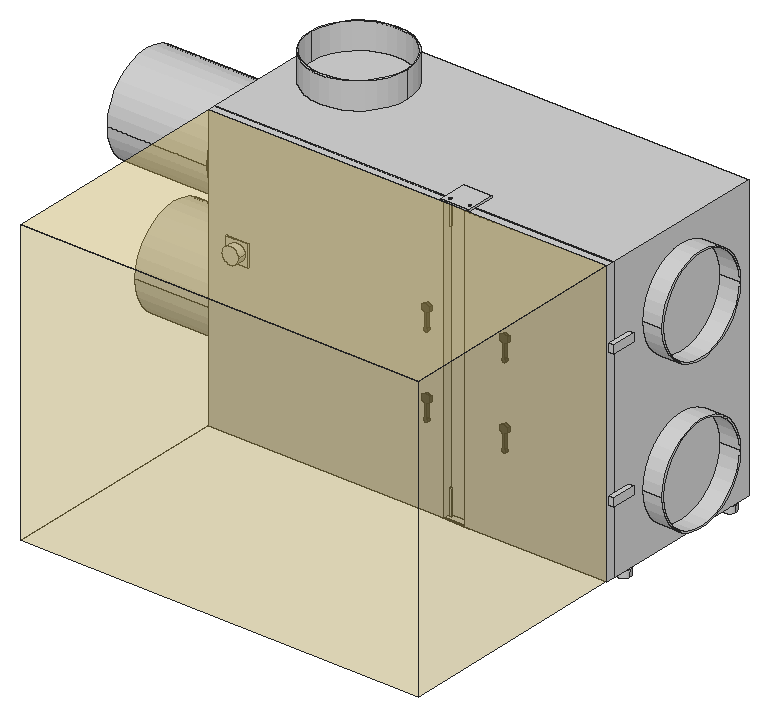
Revit family "Ventilator-RenewAire-Energy-Recovery-HE1XINH-Bypass", category Mechanical Equipment, Revit 2014
Parameters (values of type "120V Single Phase")
  Voltage = "120"
  Ventilation Type = "Static Plate, Heat and Humidity Transfer"
  Unit Width = "23-3/4\""
  Unit Weight = "204-275 lbs."
  Unit Length = "54-3/4\""
  Unit Height = "35-3/4\""
  Unit = Metal - RenewAire - Anodized - Gray Text
  URL = "www.renewaire.com"
  Typical Airflow Range = "250 - 925 CFM"
  Standard Features = "Non-Fused Disconnect, 24VAC Transformer/Relay Package"
  Shipping Weight = "325"
  Service Area Visibility = yes
  Service Area Box = Interference - RenewAire - Smooth - Light - Gold
  Revit Object Download Link = ""
  Phase = "Single"
  Options = "Qty. 2 ECM Motor – 0.5 HP 120V/1Ph/60Hz – 0.5 HP 208-230V/1Ph/60Hz, Fused disconnect, Double wall construction, Motorized isolation dampers – FA, EA or both airstreams, Qty. 2 Factory mounted filter alarms, Independent blower control, Bypass economizer (see bypass dimension drawing page) – dry bulb temperature controls, enthalpy controls"
  Optional Motorized Damper - FA & EA = yes
  Number Motors = "Qty. 2, 0.75 HP ea., Direct drive blower/motor packages"
  Model = "HE1XINH-Bypass"
  Minimum Circuit Amps = "20.3"
  Maximum Overcurrent Protection = "25 A"
  Max. Shipping Width = "30\""
  Max. Shipping Length = "63\""
  Max. Shipping Height = "56\""
  Manufacturer = "RenewAire LLC"
  Frequency = "60 HZ"
  FLA per Motor = "9.0"
  Description = "Energy Recovery Ventilator"
  Accessories = "Filters - MERV 13, 2\" (shipped loose), Backdraft Damper – 12”, Motorized isolation dampers -  both airstreams, Wall cap – 12” galvanized or paintable galvanneal, Solid state speed control kit – 115 V Qty. 1, Solid state speed control kit – 208-230V Qty. 1,  Digital time clock - wall mount(TC7D-W), Digital time clock - in exterior enclosure (TC7D-E), Motion occupancy control - ceiling mount(MC-C), Motion occupancy control - wall mount(MC-W), Carbon dioxide control - wall mount (CO2-W), Carbon Dioxide control - duct mount(CO2-D), Electric duct heater – EK series (1-60 KW), EH series (61-175 KW)"
  AHRI 1060 Certified Core = "One L125-G5"
Types (6): name | Voltage | Phase | Minimum Circuit Amps | Maximum Overcurrent Protection | FLA per Motor
  (no name) | "120" | "Single" | "20.3" | "25 A" | "9.0"
  120V Single Phase | "120" | "Single" | "20.3" | "25 A" | "9.0"
  208-230V Single Phase | "208-230" | "Single" | "10.1" | "15 A" | "4.5"
  277V Single Phase | "277" | "Single" | "8.8" | "15 A" | "3.9"
  208-230V Three Phase | "208-230" | "Three" | "5.2" | "15 A" | "1.7-2.3"
  460V Three Phase | "460" | "Three" | "2.6" | "15 A" | "1.15"
Reference planes (in)
  plane 1 "Center (Front/Back)": y = 0
  plane 2: z = 0
  plane 3 "Center (Left/Right)": x = 0
  plane 4 "CabRight": x = 24.5625
  plane 5 "CabLeft": x = -24.5625
Forms (in)
  Extrusion 1, solid, material "Metal - RenewAire - Anodized - Gray Text" <- "Unit"
    sketch origin (0, 0, 0) x (1, 0, 0) y (0, 1, 0)
      loop
        line (-24.5625, 10.375) -> (-24.5625, -10.375) -> (24.5625, -10.375) -> (24.5625, 10.375) -> (-24.5625, 10.375)
    from 0 to 34.875
  Extrusion 2, solid, material "Metal - RenewAire - Anodized - Gray Text"
    sketch origin (0, 0, 0) x (1, 0, 0) y (0, 0, 1)
      loop
        line (24.5625, 34.875) -> (7.0625, 34.875) -> (7.0625, 0) -> (24.5625, 0) -> (24.5625, 34.875)
      loop
        line (-24.5625, 34.875) -> (-24.5625, 0) -> (4.4375, 0) -> (4.4375, 34.875) -> (-24.5625, 34.875)
    from 10.375 to 11.375
  Extrusion 3, solid, material "Metal - RenewAire - Anodized - Gray Text"
    sketch origin (0, 0, 0) x (1, 0, 0) y (0, 1, 0)
      loop
        line (3.96232, -7.75) -> (3.96232, -11.25) -> (7.46232, -11.25) -> (7.46232, -7.75) -> (3.96232, -7.75)
    from 34.875 to 35
  Extrusion 4, solid, material "Metal - RenewAire - Anodized - Gray Text"
    sketch origin (0, 0, 0) x (1, 0, 0) y (0, 1, 0)
      loop
        line (3.96232, -7.75) -> (3.96232, -11.25) -> (7.46232, -11.25) -> (7.46232, -7.75) -> (3.96232, -7.75)
    from -0.125 to 0
  Extrusion 5, solid, material "Metal - RenewAire - Anodized - Gray Text"
    sketch origin (0, 0, 0) x (1, 0, 0) y (0, 1, 0)
      loop
        circle (4.5625, -10.5) r 0.125
      loop
        circle (6.9375, -10.5) r 0.125
    from 32 to 35
  Extrusion 6, solid, material "Metal - RenewAire - Anodized - Gray Text"
    sketch origin (0, 0, 0) x (1, 0, 0) y (0, 1, 0)
      loop
        circle (4.5625, -10.5) r 0.125
      loop
        circle (6.9375, -10.5) r 0.125
    from -0.125 to 3
  Extrusion 7, solid, material "Metal - RenewAire - Anodized - Gray Text"
    sketch origin (0, 0, 0) x (1, 0, 0) y (0, 1, 0)
      loop
        circle (24.0625, -8.125) r 0.75
      loop
        circle (24.0625, 8.125) r 0.75
      loop
        circle (-24.0625, -8.125) r 0.75
      loop
        circle (-24.0625, 8.125) r 0.75
    from 0 to -0.75
  Extrusion 8, solid, material "Metal - RenewAire - Anodized - Gray Text"
    sketch origin (0, 0, 0) x (0, 1, 0) y (0, 0, 1)
      loop
        line (-11.25, 26.375) -> (-11.25, 25.375) -> (-8.25, 25.375) -> (-8.25, 26.375) -> (-11.25, 26.375)
      loop
        line (-11.25, 9.5) -> (-11.25, 8.5) -> (-8.25, 8.5) -> (-8.25, 9.5) -> (-11.25, 9.5)
    from 25.3125 to 24.5625
  Extrusion 9, solid, material "Metal - RenewAire - Anodized - Gray Text"
    sketch origin (0, 0, 0) x (1, 0, 0) y (0, 0, 1)
      loop
        line (-22.3125, 21.875) -> (-22.3125, 19.185) -> (-19.6225, 19.185) -> (-19.6225, 21.875) -> (-22.3125, 21.875)
    from 11.5 to 11.375
  Extrusion 10, solid, material "Metal - RenewAire - Anodized - Gray Text"
    sketch origin (0, 0, 0) x (1, 0, 0) y (0, 0, 1)
      loop
        circle (-20.9675, 20.53) r 1
    from 12.5 to 11.5
  Extrusion 11, solid, material "Metal - RenewAire - Anodized - Gray Text"
    sketch origin (0, 0, -1) x (0, 1, 0) y (0, 0, 1)
      loop
        circle (0, 8.875) r 5.875
      loop
        circle (0, 8.875) r 6
    from 27.0625 to 24.5625
  Extrusion 12, solid, material "Metal - RenewAire - Anodized - Gray Text"
    sketch origin (0, 0, 17.625) x (0, 1, 0) y (0, 0, 1)
      loop
        circle (0, 8.875) r 5.875
      loop
        circle (0, 8.875) r 6
    from 27.0625 to 24.5625
  Extrusion 13, solid, material "Metal - RenewAire - Anodized - Gray Text"
    sketch origin (0, 0, 0) x (1, 0, 0) y (0, 1, 0)
      loop
        circle (-16.9375, 2.25) r 6
      loop
        circle (-16.9375, 2.25) r 5.875
    from 38.125 to 34.875
  Extrusion 14, solid, material "Metal - RenewAire - Anodized - Gray Text"
    sketch origin (0, 0, -1) x (0, 1, 0) y (0, 0, 1)
      loop
        circle (-2.5, 27.625) r 6
      loop
        circle (-2.5, 27.625) r 5.875
    from -27.0625 to -24.5625
  Extrusion 15, solid, material "Metal - RenewAire - Anodized - Gray Text"
    sketch origin (0, 0, -1) x (0, 1, 0) y (0, 0, 1)
      loop
        circle (1.75, 8.875) r 6
      loop
        circle (1.75, 8.875) r 5.875
    from -27.0625 to -24.5625
  Extrusion 16, solid, material "Metal - RenewAire - Anodized - Gray Text", visible <- "Optional Motorized Damper - FA & EA"
    sketch origin (0, 0, -1) x (0, 1, 0) y (0, 0, 1)
      loop
        circle (-2.5, 27.625) r 6
      loop
        circle (-2.5, 27.625) r 5.875
    from -39.3125 to -27.0625
  Extrusion 17, solid, material "Metal - RenewAire - Anodized - Gray Text", visible <- "Optional Motorized Damper - FA & EA"
    sketch origin (0, 0, -19.75) x (0, 1, 0) y (0, 0, 1)
      loop
        circle (1.75, 27.625) r 6
      loop
        circle (1.75, 27.625) r 5.875
    from -39.3125 to -27.0625
  Extrusion 18, solid, material "Interference - RenewAire - Smooth - Light - Gold" <- "Service Area Box", visible <- "Service Area Visibility"
    sketch origin (0, 0, 0) x (1, 0, 0) y (0, 0, 1)
      loop
        line (-24.5625, 34.875) -> (-24.5625, 0) -> (24.5625, 0) -> (24.5625, 34.875) -> (-24.5625, 34.875)
    from 11.375 to 40.375
Dimensions and locks (in)
  aligned and locked: level to plane 2
  aligned and locked: nested 1 to Extrusion 18
Nested families (in)
  nested 1: "Monitoring Port" at (2.4375, -11.375, 10), type "Monitoring Port"
  nested 2: "Monitoring Port" at (2.4375, -11.375, 20), type "Monitoring Port"
  nested 3: "Monitoring Port" at (12.0625, -11.375, 10), type "Monitoring Port"
  nested 4: "Monitoring Port" at (12.0625, -11.375, 20), type "Monitoring Port"
Connectors (in)
  hvac at (-24.5625, -2.5, 26.625)
    settings: on Extrusion 14, index 1, duct flow 0 CFM, flow factor 0, pres drop 0.00 in-wg, loss coef 0, conn angle 0.00°, conn width 12", conn height 12", conn diameter 12", duct sys type 3, conn prof type 0, flow config 0, flow direction 2, loss method 0, conn ref index -1, conn util no, is conn primary yes, conn desc "EA (Exhaust Air)"
  hvac at (-24.5625, 1.75, 7.875)
    settings: on Extrusion 15, index 2, duct flow 0 CFM, flow factor 0, pres drop 0.00 in-wg, loss coef 0, conn angle 0.00°, conn width 12", conn height 12", conn diameter 12", duct sys type 1, conn prof type 0, flow config 0, flow direction 2, loss method 0, conn ref index -1, conn util no, is conn primary no, conn desc "FA (Fresh Air)"
  hvac at (24.5625, 0, 26.5)
    settings: on Extrusion 12, index 3, duct flow 0 CFM, flow factor 0, pres drop 0.00 in-wg, loss coef 0, conn angle 0.00°, conn width 12", conn height 12", conn diameter 12", duct sys type 4, conn prof type 0, flow config 0, flow direction 1, loss method 0, conn ref index -1, conn util no, is conn primary no, conn desc "OA (Outside Air)"
  hvac at (24.5625, 0, 7.875)
    settings: on Extrusion 11, index 4, duct flow 0 CFM, flow factor 0, pres drop 0.00 in-wg, loss coef 0, conn angle 0.00°, conn width 12", conn height 12", conn diameter 12", duct sys type 2, conn prof type 0, flow config 0, flow direction 1, loss method 0, conn ref index -1, conn util no, is conn primary no, conn desc "RA (Return Air)"
  hvac at (-16.9375, 2.25, 34.875)
    settings: on Extrusion 13, index 5, duct flow 0 CFM, flow factor 0, pres drop 0.00 in-wg, loss coef 0, conn angle 0.00°, conn width 12", conn height 12", conn diameter 12", duct sys type 2, conn prof type 0, flow config 0, flow direction 1, loss method 0, conn ref index -1, conn util no, is conn primary no, conn desc "BP (ByPass Air)"
Definition of nested family "Monitoring Port"
  Parameters (values of type "Monitoring Port")
    URL = "www.renewaire.com"
    Revit Object Download Link = ""
    Model = ""
    Manufacturer = "RenewAire LLC"
    Description = "Monitoring Ports"
  Reference planes (in)
    plane 1 "Center (Front/Back)": y = 0
    plane 2: z = 0
    plane 3 "Center (Left/Right)": x = 0
  Forms (in)
    Extrusion 1, solid, material "MonitorPorts"
      sketch origin (-9.43348, 0, 37.76669) x (-1, 0, 0) y (0, 0, -1)
        loop
          line (-9.53348, 35.65895) -> (-9.94097, 35.42369) -> (-9.94097, 34.83769) -> (-9.43348, 34.54469) -> (-8.92599, 34.83769) -> (-8.92599, 35.42369) -> (-9.33348, 35.65895) -> (-9.33348, 37.28756)
          arc (-9.33348, 37.28756) -> (-9.43348, 37.76669) -> (-9.53348, 37.28756) r 0.25
          line (-9.53348, 37.28756) -> (-9.53348, 35.65895)
      from 0 to 0.25
  Dimensions and locks (in)
    aligned and locked: level to plane 2
